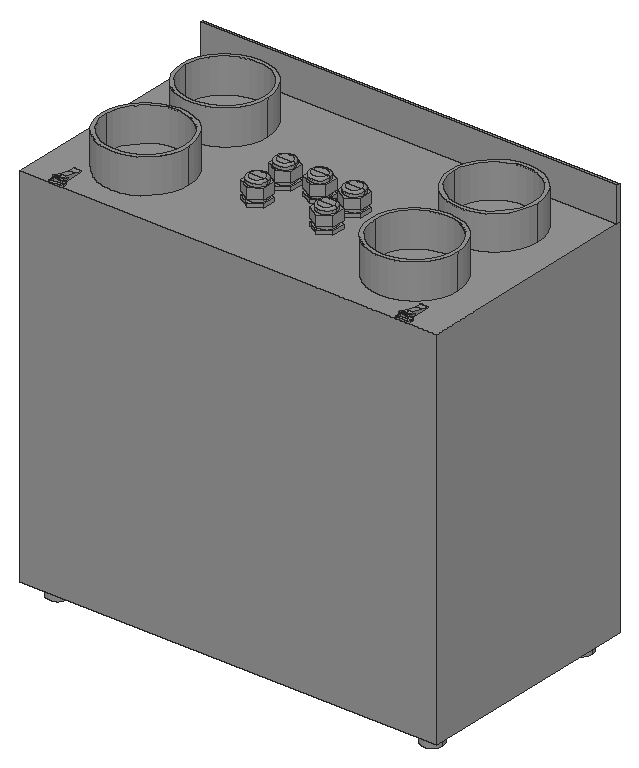
Revit family "KOMFORT EC SB", category Mechanical Equipment, Revit 2021
Family settings
  Round Connector Dimension = Use Diameter
  Classification = None
  Part Type = Normal
  Work Plane-Based = No
  Always vertical = Yes
  Cut with Voids When Loaded = No
  Shared = No
  Room Calculation Point = No
Parameters (values of type "KOMFORT EC S 160-E S21")
  Width = B1  # 330 mm
  Weight = 34.00 kg
  Temperature of moving air = "-25…+40°C"  # constant formula
  Sound pressure level at 3 m distance = "24 dBA"
  Length = L  # 600 mm
  Height = h1  # 600 mm
  Filter = "G4, F7"
  Diameter = D  # 125 mm
  Default Elevation = 0 mm
  Manufacturer = "Blauberg"  # constant formula
  L1 = 388 mm
  h1 = H1 + 50 mm  # 600 mm
  L2 = 143 mm
  Voltage = if(Number of Fase = 3, 400 V, 230 V)  # 230 V
  URL = "https://blaubergventilatoren.de/en/series/komfort-ec-sb-e"
  Pressure_Static_Air [instance] = 0.0 m³/h
  Power = 57 W
  Number of Fase = 1  # constant formula
  Maximum Air Flow = 200.0 m³/h
  Maintenance zone material = none
  Load Classification = "HVAC"
  L = 600 mm
  H1 = 550 mm
  Dy = D - 10 mm  # 115 mm
  D = 125 mm
  Casing Material = Metal, painted, white, matt
  B1 = 330 mm
  Apparent Load = Voltage * Amperage  # 115 VA
  Amperage = 0.5 A
  Air Flow [instance] = 0.0 m³/h
  09_System_Name [instance] = ""
  00_20_Type = "KOMFORT EC S 160-E S21"
  00_20_Name = "Air handling unit"  # constant formula
  00_20_Manufacturer = "Blauberg"  # constant formula
Types (17, lengths in mm): name | Width | Weight | Sound pressure level at 3 m distance | Length | Height | Diameter | L1 | h1 | L2 | Power | Maximum Air Flow | L | H1 | Dy | D | B1 | Apparent Load | Amperage | 00_20_Type
  (no name) | 330 | 34.00 kg | "24 dBA" | 600 | 600 | 125 | 388 | 600 | 143 | 57 W | 200.0 m³/h | 600 | 550 | 115 | 125 | 330 | 115 VA | 0.5 A | "KOMFORT EC S 160-E S21"
  KOMFORT EC SB 550 S21 | 720 | 82.00 kg | "26 dBA" | 823 | 725 | 200 | 498 | 725 | 288 | 337 W | 690.0 m³/h | 823 | 675 | 190 | 200 | 720 | 552 VA | 2.4 A | "KOMFORT EC SB 550 S21"
  KOMFORT EC SB 350 S21 | 583 | 64.00 kg | "28 dBA" | 730 | 725 | 160 | 426 | 725 | 230 | 178 W | 450.0 m³/h | 730 | 675 | 150 | 160 | 583 | 322 VA | 1.4 A | "KOMFORT EC SB 350 S21"
  KOMFORT EC S1B 350-E S21 | 470 | 57.00 kg | "28 dBA" | 730 | 725 | 160 | 426 | 725 | 200 | 169 W | 420.0 m³/h | 730 | 675 | 150 | 160 | 470 | 299 VA | 1.3 A | "KOMFORT EC S1B 350-E S21"
  KOMFORT EC S 160 S21 | 330 | 34.00 kg | "24 dBA" | 600 | 600 | 125 | 388 | 600 | 143 | 57 W | 200.0 m³/h | 600 | 550 | 115 | 125 | 330 | 115 VA | 0.5 A | "KOMFORT EC S 160 S21"
  KOMFORT EC S1 160 S21 | 370 | 42.00 kg | "22 dBA" | 640 | 640 | 125 | 388 | 640 | 143 | 57 W | 200.0 m³/h | 640 | 590 | 115 | 125 | 370 | 115 VA | 0.5 A | "KOMFORT EC S1 160 S21"
  KOMFORT EC S1B 160 S21 | 370 | 44.00 kg | "22 dBA" | 640 | 670 | 125 | 388 | 670 | 143 | 57 W | 200.0 m³/h | 640 | 620 | 115 | 125 | 370 | 115 VA | 0.5 A | "KOMFORT EC S1B 160 S21"
  KOMFORT EC SB 160 S21 | 330 | 36.00 kg | "24 dBA" | 600 | 630 | 125 | 388 | 630 | 143 | 57 W | 200.0 m³/h | 600 | 580 | 115 | 125 | 330 | 115 VA | 0.5 A | "KOMFORT EC SB 160 S21"
  KOMFORT EC SB 250 S21 | 560 | 66.00 kg | "35 dBA" | 560 | 1020 | 160 | 390 | 1020 | 212 | 180 W | 390.0 m³/h | 560 | 970 | 150 | 160 | 560 | 315.1 VA | 1.37 A | "KOMFORT EC SB 250 S21"
  KOMFORT EC S1B 350 S21 | 470 | 57.00 kg | "28 dBA" | 730 | 725 | 160 | 426 | 725 | 200 | 169 W | 420.0 m³/h | 730 | 675 | 150 | 160 | 470 | 299 VA | 1.3 A | "KOMFORT EC S1B 350 S21"
  KOMFORT EC SB 350-E S21 | 583 | 66.00 kg | "28 dBA" | 730 | 725 | 160 | 426 | 725 | 230 | 178 W | 450.0 m³/h | 730 | 675 | 150 | 160 | 583 | 322 VA | 1.4 A | "KOMFORT EC SB 350-E S21"
  KOMFORT EC SB 550-E S21 | 720 | 82.00 kg | "26 dBA" | 823 | 725 | 200 | 498 | 725 | 288 | 337 W | 690.0 m³/h | 823 | 675 | 190 | 200 | 720 | 552 VA | 2.4 A | "KOMFORT EC SB 550-E S21"
  KOMFORT EC S 160-E S21 | 330 | 34.00 kg | "24 dBA" | 600 | 600 | 125 | 388 | 600 | 143 | 57 W | 200.0 m³/h | 600 | 550 | 115 | 125 | 330 | 115 VA | 0.5 A | "KOMFORT EC S 160-E S21"
  KOMFORT EC S1 160-E S21 | 370 | 42.00 kg | "22 dBA" | 640 | 640 | 125 | 388 | 640 | 143 | 57 W | 200.0 m³/h | 640 | 590 | 115 | 125 | 370 | 115 VA | 0.5 A | "KOMFORT EC S1 160-E S21"
  KOMFORT EC SB 160-E S21 | 330 | 36.00 kg | "24 dBA" | 600 | 630 | 125 | 388 | 630 | 143 | 57 W | 200.0 m³/h | 600 | 580 | 115 | 125 | 330 | 115 VA | 0.5 A | "KOMFORT EC SB 160-E S21"
  KOMFORT EC S1B 160-E S21 | 370 | 44.00 kg | "22 dBA" | 640 | 670 | 125 | 388 | 670 | 143 | 57 W | 200.0 m³/h | 640 | 620 | 115 | 125 | 370 | 115 VA | 0.5 A | "KOMFORT EC S1B 160-E S21"
  KOMFORT EC SB 250-E S21 | 560 | 66.00 kg | "35 dBA" | 560 | 1020 | 160 | 390 | 1020 | 212 | 180 W | 390.0 m³/h | 560 | 970 | 150 | 160 | 560 | 315.1 VA | 1.37 A | "KOMFORT EC SB 250-E S21"
Reference planes
  plane 1 "По центру (Вперед/Назад)": y = 0
  plane 2: z = 0
  plane 3 "По центру (Влево/Вправо)": x = 0
  plane 4: y = 165
  plane 5: y = -165
  plane 6: x = -300
  plane 7: x = 300
  plane 8: z = 550
Forms (mm)
  Extrusion 1, solid, material "Металл, окрашенный, белый, матовый"
    sketch origin (0, 0, 0) x (1, 0, 0) y (0, 1, 0)
      loop
        line (-300, 165) -> (-300, -165) -> (300, -165) -> (300, 165) -> (-300, 165)
    from 20 to 550
  Extrusion 2, solid, material "Металл, окрашенный, белый, матовый"
    sketch origin (0, 0, 0) x (1, 0, 0) y (0, 1, 0)
      loop
        circle (-270, 135) r 15
      loop
        circle (270, 135) r 15
      loop
        circle (-270, -135) r 15
      loop
        circle (270, -135) r 15
    from 0 to 20
  Extrusion 3, solid, material "Металл, окрашенный, белый, матовый"
    sketch origin (0, 0, 0) x (1, 0, 0) y (0, 1, 0)
      loop
        circle (-194, 71.5) r 62.5
      loop
        circle (194, 71.5) r 62.5
      loop
        circle (-194, -71.5) r 62.5
      loop
        circle (194, -71.5) r 57.5
      loop
        circle (-194, 71.5) r 57.5
      loop
        circle (194, 71.5) r 57.5
      loop
        circle (194, -71.5) r 62.5
      loop
        circle (-194, -71.5) r 57.5
    from 550 <- "H1" to 600 <- "h1"
  Extrusion 4, solid, material "Металл, окрашенный, белый, матовый"
    sketch origin (0, 0, 0) x (1, 0, 0) y (0, 1, 0)
      loop
        line (-300, 165) -> (-300, 160) -> (300, 160) -> (300, 165) -> (-300, 165)
    from 550 <- "H1" to 600 <- "h1"
  Extrusion 5, solid, material "Металл, окрашенный, белый, матовый"
    sketch origin (0, 0, 0) x (1, 0, 0) y (0, 1, 0)
      loop
        circle (0, 0) r 9
    from 0 to 20
Dimensions and locks
  equal spacing: plane 6, plane 3 "По центру (Влево/Вправо)", plane 7
  "L": plane 6 to plane 7
  equal spacing: plane 4, plane 1 "По центру (Вперед/Назад)", plane 5
  "B1": plane 4 to plane 5
  "H1": plane 8 to level
  locked: plane 6 to Extrusion 2 sketch curve at 30  (x2)
  locked: plane 4 to Extrusion 2 sketch curve at 30  (x2)
  locked: Extrusion 2 sketch curve to plane 5 at 30  (x2)
  locked: Extrusion 2 sketch curve to plane 7 at 30  (x2)
  locked: nested 1 to plane 7 at 50
  locked: plane 6 to nested 2 at 50
  "L1": Extrusion 3 sketch curve to Extrusion 3 sketch curve  (x2)
  equal spacing: Extrusion 3 sketch curve, plane 3 "По центру (Влево/Вправо)", Extrusion 3 sketch curve  (x2)
  equal spacing: Extrusion 3 sketch curve, plane 1 "По центру (Вперед/Назад)", Extrusion 3 sketch curve  (x2)
  "L2": Extrusion 3 sketch curve to Extrusion 3 sketch curve  (x2)
  locked: Extrusion 1 to Extrusion 4 sketch curve at 5
  "D": diameter of Extrusion 3 sketch curve  (x4)
  "Dy": diameter of Extrusion 3 sketch curve  (x4)
  aligned and locked: level to plane 2
  aligned and locked: Extrusion 1 sketch curve to plane 4
  aligned and locked: Extrusion 1 sketch curve to plane 6
  aligned and locked: plane 5 to Extrusion 1 sketch curve
  aligned and locked: plane 7 to Extrusion 1 sketch curve
  aligned and locked: plane 8 to Extrusion 1
  aligned and locked: nested 1 to plane 5
  aligned and locked: plane 5 to nested 2
  aligned and locked: plane 1 "По центру (Вперед/Назад)" to nested 3
  aligned and locked: plane 3 "По центру (Влево/Вправо)" to nested 3
  aligned and locked: plane 1 "По центру (Вперед/Назад)" to nested 4
  aligned and locked: plane 1 "По центру (Вперед/Назад)" to nested 5
  aligned and locked: Extrusion 4 sketch curve to plane 6
  aligned and locked: plane 7 to Extrusion 4 sketch curve
  aligned and locked: Extrusion 4 sketch curve to plane 4
Automatic sketch dimensions
  plane 1 "По центру (Вперед/Назад)" to Extrusion 5 sketch curve = 0 mm
  Extrusion 5 sketch curve to plane 3 "По центру (Влево/Вправо)" = 0 mm
  Extrusion 3 sketch curve to Extrusion 3 sketch curve = 0 mm  (x8)
  radius of Extrusion 2 sketch curve = 15 mm  (x4)
  radius of Extrusion 5 sketch curve = 9 mm
Nested families
  nested 1: "Latch" at (250, -160, 550) x (0, 0, 1) z (-1, 0, 0), built-in parameter 1001360 <- "H1", type "Latch"
  nested 2: "Latch" at (-250, -160, 550) x (0, 0, 1) z (1, 0, 0), built-in parameter 1001360 <- "H1", type "Latch"
  nested 3: "Сonnector" at (0, 0, 550), built-in parameter 1001360 <- "H1", type "30"
  nested 4: "Сonnector" at (-50, 0, 550), built-in parameter 1001360 <- "H1", type "30"
  nested 5: "Сonnector" at (50, 0, 550), built-in parameter 1001360 <- "H1", type "30"
  nested 6: "Сonnector" at (-50, -50, 550), built-in parameter 1001360 <- "H1", type "30"
  nested 7: "Сonnector" at (50, -50, 550), built-in parameter 1001360 <- "H1", type "30"
Connectors
  piping at (0, 0, 0), diameter 18
    settings: on Extrusion 5, index 1, connector inside diameter 609.6 mm, connector length 0 mm, flow factor 0, pipe flow 0.0 L/s, pressure drop 0.0 Pa, fitting loss kfactor 0, connector angle 0.00°, fixture units 0, engagement length 0 mm, angle of deflection 0.00°, flow configuration 0, flow direction 2, fitting loss method 0, system type 16, joint type 0, gender type 0, connector reference index -1, connector utility 0, adjustable connector no, is connector primary yes, connector description ""
  hvac at (-194, -71.5, 600), driven by "D"
    settings: on Extrusion 3, index 2, duct flow 0.0 m³/h, flow factor 0, pres drop 0.0 Pa, loss coef 0, conn angle 0.00°, conn width 304.8 mm, conn height 304.8 mm, conn diameter 125 mm, duct sys type 1, conn prof type 0, flow config 0, flow direction 2, loss method 0, conn ref index -1, conn util no, is conn primary yes, conn desc ""
  hvac at (-194, 71.5, 600), driven by "D"
    settings: on Extrusion 3, index 3, duct flow 0.0 m³/h, flow factor 0, pres drop 0.0 Pa, loss coef 0, conn angle 0.00°, conn width 304.8 mm, conn height 304.8 mm, conn diameter 125 mm, duct sys type 3, conn prof type 0, flow config 0, flow direction 1, loss method 0, conn ref index -1, conn util no, is conn primary no, conn desc ""
  hvac at (194, -71.5, 600), driven by "D"
    settings: on Extrusion 3, index 4, duct flow 0.0 m³/h, flow factor 0, pres drop 0.0 Pa, loss coef 0, conn angle 0.00°, conn width 304.8 mm, conn height 304.8 mm, conn diameter 125 mm, duct sys type 1, conn prof type 0, flow config 0, flow direction 1, loss method 0, conn ref index -1, conn util no, is conn primary no, conn desc ""
  hvac at (194, 71.5, 600), driven by "D"
    settings: on Extrusion 3, index 5, duct flow 0.0 m³/h, flow factor 0, pres drop 0.0 Pa, loss coef 0, conn angle 0.00°, conn width 304.8 mm, conn height 304.8 mm, conn diameter 125 mm, duct sys type 3, conn prof type 0, flow config 0, flow direction 2, loss method 0, conn ref index -1, conn util no, is conn primary no, conn desc ""
Definition of nested family "Latch"
  Parameters (values of type "Защелка")
    Default Elevation = 0 mm
  Reference planes
    plane 1 "По центру (Вперед/Назад)": y = 0
    plane 2: z = 0
    plane 3 "По центру (Влево/Вправо)": x = 0
  Forms (mm)
    Extrusion 1, solid
      sketch origin (0, -5, 0) x (0, 1, 0) y (0, 0, 1)
        loop
          arc (3, 10) -> (0.879, 9.121) -> (0, 7) r 3
          line (0, 7) -> (0, -7)
          arc (0, -7) -> (0.879, -9.121) -> (3, -10) r 3
          line (3, -10) -> (7, -10)
          arc (7, -10) -> (9.121, -9.121) -> (10, -7) r 3
          line (10, -7) -> (10, 7)
          arc (10, 7) -> (9.121, 9.121) -> (7, 10) r 3
          line (7, 10) -> (3, 10)
      from 0 to 2
    Extrusion 2, solid
      sketch origin (0, 0, 0) x (1, 0, 0) y (0, 1, 0)
        loop
          line (2, 0.5) -> (2, -0.5) -> (7, -0.5)
          arc (7, -0.5) -> (7.707, -0.793) -> (8, -1.5) r 1
          arc (8, -1.5) -> (8.58, -2.08) -> (9.161, -1.5) r 0.58
          arc (9.161, -1.5) -> (8.575, -0.086) -> (7.161, 0.5) r 2
          line (7.161, 0.5) -> (2, 0.5)
      from -5 to 5
    Extrusion 3, solid
      sketch origin (0, 0, 0) x (1, 0, 0) y (0, 1, 0)
        loop
          line (0, 6.215) -> (3.363, 6.215)
          arc (3.363, 6.215) -> (5.643, 7.265) -> (6.327, 9.68) r 3
          line (6.327, 9.68) -> (3.08, 26.383)
          arc (3.08, 26.383) -> (1.485, 30.467) -> (2.223, 34.789) r 8.197
          arc (2.223, 34.789) -> (2.162, 35.751) -> (1.318, 36.215) r 1
          line (1.318, 36.215) -> (0, 36.215) -> (0, 6.215)
      from -5 to 5
    Sweep 4, solid
      path origin (2.535, 1.601, 0) x (-0.309017, 0.951057, 0) y (0, 0, 1)
        loop
          arc (-2.944, 6.5) -> (-3.651, 6.207) -> (-3.944, 5.5) r 1
          line (-3.944, 5.5) -> (-3.944, -5.5)
          arc (-3.944, -5.5) -> (-3.651, -6.207) -> (-2.944, -6.5) r 1
          line (-2.944, -6.5) -> (7.056, -6.5)
          arc (7.056, -6.5) -> (7.763, -6.207) -> (8.056, -5.5) r 1
          line (8.056, -5.5) -> (8.056, 5.5)
          arc (8.056, 5.5) -> (7.763, 6.207) -> (7.056, 6.5) r 1
          line (7.056, 6.5) -> (-2.944, 6.5)
      profile origin (1.9, 3.556, 6.5) x (0, 0, 1) y (0.951057, 0.309017, 0)
        loop
          circle (0, 3.594) r 0.5
    Extrusion 5, solid
      sketch origin (0, 0, 0) x (0, 1, 0) y (0, 0, 1)
        loop
          circle (0, 8.305) r 0.8
        loop
          circle (0, -8.305) r 0.8
      from 0 to 2
  Cuts and joins
    joined: Extrusion 1, Extrusion 2
  Dimensions and locks
    aligned and locked: level to plane 2
Definition of nested family "Сonnector"
  Parameters (values of type "30")
    Default Elevation = 0 mm
  Reference planes
    plane 1 "По центру (Вперед/Назад)": y = 0
    plane 2: z = 0
    plane 3 "По центру (Влево/Вправо)": x = 0
  Forms (mm)
    Extrusion 1, solid
      sketch origin (-129.783, 0, -1.583) x (-1, 0, 0) y (0, -1, 0)
        loop
          line (-129.783, -18.872) -> (-113.44, -9.436) -> (-113.44, 9.436) -> (-129.783, 18.872) -> (-146.127, 9.436) -> (-146.127, -9.436) -> (-129.783, -18.872)
      from 1.583 to 6.583
    Extrusion 2, solid
      sketch origin (-129.783, 0, 0) x (-1, 0, 0) y (0, -1, 0)
        loop
          circle (-129.783, 0) r 14
      from 5 to 10
    Extrusion 3, solid
      sketch origin (-129.783, 0, 14.25) x (-1, 0, 0) y (0, -1, 0)
        loop
          line (-129.783, -18.872) -> (-113.44, -9.436) -> (-113.44, 9.436) -> (-129.783, 18.872) -> (-146.127, 9.436) -> (-146.127, -9.436) -> (-129.783, -18.872)
      from -4.25 to 10.75
    Revolve 4, solid
      sketch origin (-129.783, 0, -5.678) x (-1, 0, 0) y (0, 0, -1)
        loop
          line (-115.783, -30.678) -> (-129.783, -30.678) -> (-129.783, -37.239) -> (-118.718, -37.239)
          arc (-118.718, -37.239) -> (-116.643, -36.38) -> (-115.783, -34.305) r 2.935
          line (-115.783, -34.305) -> (-115.783, -30.678)
        axis (-129.783, -37.239) -> (-129.783, -30.678)
      angle from 0 to 360
  Dimensions and locks
    aligned and locked: level to plane 2
    aligned and locked: Extrusion 1 to Extrusion 2
    aligned and locked: Extrusion 1 to level
    aligned and locked: Extrusion 3 to Extrusion 2
